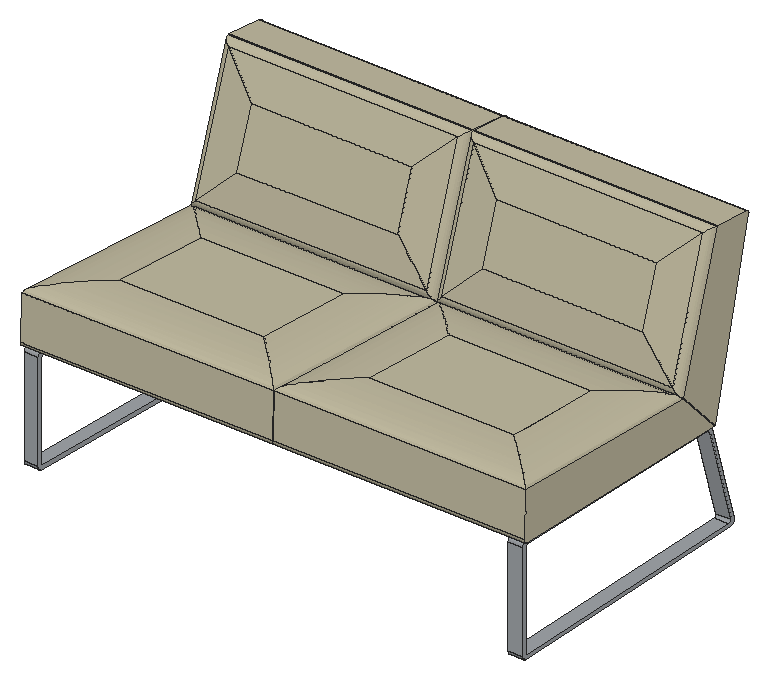
Revit family
Parameters
  URL = "http://www.martinbrattrud.com"
  SCS Certified Product = "Yes"
  Model = "Serif 530-53"
  Manufacturer = "Martin Brattrud, Inc."
  Keynote = "125000"
  Copyright = "© 2013 Martin Brattrud, Inc."
  Chair [instance] = none
  Arms [instance] = none
  Authoring Version = "Revit Architecture 2010"
  Assembly Code = "E2020200"
Reference planes (in)
  plane 1 "Center Front/Back": y = 0
  plane 2: z = 0
  plane 3 "Center Left/Right": x = 0
  plane 4 "seattop": through (0, -14.39489, 16.25041) normal (0, -0.0506, -0.9987)
  plane 5: x = 26.5
Forms (in)
  Extrusion 1, solid, material <- "Arms"
    sketch origin (0, 0, 0) x (0, 1, 0) y (0, 0, 1)
      loop
        line (8.33058, 10.8183) -> (6.83085, 10.84679) -> (6.82362, 10.46894) -> (8.32334, 10.44022) -> (8.33058, 10.8183)
      loop
        line (-9.8957, 11.16446) -> (-11.39543, 11.19294) -> (-11.40261, 10.81747) -> (-9.90289, 10.78876) -> (-9.8957, 11.16446)
    from -25.27545 to 25.45574
  Extrusion 2, solid, material <- "Chair"
    sketch origin (0, 0, 0) x (0, 1, 0) y (0, 0, 1)
      loop
        line (15.6877, 29.02419) -> (11.81326, 29.36315) -> (7.1417, 15.15946) -> (11.33004, 10.76134) -> (15.94697, 28.65756)
        arc (15.94697, 28.65756) -> (15.90229, 28.90095) -> (15.6877, 29.02419) r 0.29424
    from -27.7452 to 0
  Extrusion 3, solid, material <- "Chair"
    sketch origin (0, 0, 0) x (0, 1, 0) y (0, 0, 1)
      loop
        line (11.33004, 10.76134) -> (7.1417, 15.15946) -> (-14.39489, 16.25041) -> (-14.59173, 11.63759)
        arc (-14.59173, 11.63759) -> (-14.49028, 11.36473) -> (-14.22419, 11.24667) r 0.375
        line (-14.22419, 11.24667) -> (11.33004, 10.76134)
    from -28.17571 to 0
  Sweep 4, solid, material <- "Chair"
    path in 3D
      loop
        line (-26.51128, -14.39489, 16.25041) -> (-25.88282, 7.1417, 15.15946) -> (0, 7.1417, 15.15946) -> (0, -14.39489, 16.25041) -> (-26.51128, -14.39489, 16.25041)
    profile origin (-13.25564, -14.39489, 16.25041) x (0, -0.042634, -0.999091) y (0, -0.999091, 0.042634)
      loop
        spline (0.00025, -0.03124) -> (-0.13005, -0.07829) -> (-0.25739, -0.21883) -> (-0.37959, -0.45044) -> (-0.49456, -0.76916) -> (-0.60031, -1.16953) -> (-0.69505, -1.64466) -> (-0.77714, -2.18643) -> (-0.84518, -2.78555) -> (-0.898, -3.43173) -> (-0.9347, -4.11391) -> (-0.95464, -4.82038) -> (-0.95749, -5.53904)
        line (-0.95749, -5.53904) -> (-0.92164, -10.0389) -> (0.07991, -10.03092) -> (0.00025, -0.03124)
  Sweep 5, solid, material <- "Chair"
    path in 3D
      loop
        line (-25.7465, 11.81326, 29.36315) -> (-25.88282, 7.1417, 15.15946) -> (0, 7.1417, 15.15946) -> (0, 11.81326, 29.36315) -> (-25.7465, 11.81326, 29.36315)
    profile origin (-12.87325, 11.81326, 29.36315) x (0, -0.312433, -0.94994) y (0, -0.94994, 0.312433)
      loop
        line (0.03213, 0) -> (4.494, 0) -> (4.494, 1.13082)
        arc (4.494, 1.13082) -> (2.64167, 1.03773) -> (0.80801, 0.7594) r 18.47556
        arc (0.80801, 0.7594) -> (0.30805, 0.49416) -> (0.03213, 0) r 1
  Extrusion 6, solid, material <- "Chair"
    sketch origin (0, 0.78423, 15.4815) x (0, -0.998719, 0.050591) y (-1, 0, 0)
      loop
        line (3.66562, 10.03124) -> (5.16734, 10.03124) -> (5.16734, 16.18344) -> (3.66562, 16.13967) -> (3.66562, 10.03124)
    from -1.00158 to 0
  Extrusion 7, solid, material <- "Chair"
    sketch origin (0, 1.73815, -0.57167) x (0, -0.312433, -0.94994) y (-1, 0, 0)
      loop
        line (-27.09008, 4.494) -> (-21.12588, 4.494) -> (-21.12588, 21.34766) -> (-27.09008, 21.29328) -> (-27.09008, 4.494)
    from -0.9127 to 0.21812
  Extrusion 8, void
    sketch origin (0, 0, 0) x (1, 0, 0) y (0, 1, 0)
      loop
        line (-26.63655, -18.68777) -> (-25.52767, 19.31223) -> (-30.15293, 19.31223) -> (-30.15293, -18.68777) -> (-26.63655, -18.68777)
      loop
        line (26.63655, -18.68777) -> (30.15293, -18.68777) -> (30.15293, 19.31223) -> (25.52767, 19.31223) -> (26.63655, -18.68777)
    from 8.87704 to 31.05989
  Extrusion 9, solid, material <- "Chair"
    sketch origin (0, 0, 0) x (0, 1, 0) y (0, 0, -1)
      loop
        arc (15.6877, -29.02419) -> (15.90229, -28.90095) -> (15.94697, -28.65756) r 0.29424
        line (15.94697, -28.65756) -> (11.33004, -10.76134) -> (7.1417, -15.15946) -> (11.81326, -29.36315) -> (15.6877, -29.02419)
    from -27.7452 to 0
  Extrusion 10, solid, material <- "Chair"
    sketch origin (0, 0, 0) x (0, 1, 0) y (0, 0, -1)
      loop
        line (11.33004, -10.76134) -> (-14.22419, -11.24667)
        arc (-14.22419, -11.24667) -> (-14.49028, -11.36473) -> (-14.59173, -11.63759) r 0.375
        line (-14.59173, -11.63759) -> (-14.39489, -16.25041) -> (7.1417, -15.15946) -> (11.33004, -10.76134)
    from -28.17571 to 0
  Sweep 11, solid, material <- "Chair"
    path in 3D
      loop
        line (26.51128, -14.39489, 16.25041) -> (25.88282, 7.1417, 15.15946) -> (0, 7.1417, 15.15946) -> (0, -14.39489, 16.25041) -> (26.51128, -14.39489, 16.25041)
    profile origin (13.25564, -14.39489, 16.25041) x (0, 0.042634, 0.999091) y (0, -0.999091, 0.042634)
      loop
        line (-0.00025, -0.03124) -> (-0.07991, -10.03092) -> (0.92164, -10.0389) -> (0.95749, -5.53904)
        spline (0.95749, -5.53904) -> (0.95464, -4.82038) -> (0.9347, -4.11391) -> (0.898, -3.43173) -> (0.84518, -2.78555) -> (0.77714, -2.18643) -> (0.69505, -1.64466) -> (0.60031, -1.16953) -> (0.49456, -0.76916) -> (0.37959, -0.45044) -> (0.25739, -0.21883) -> (0.13005, -0.07829) -> (-0.00025, -0.03124)
  Sweep 12, solid, material <- "Chair"
    path in 3D
      loop
        line (25.7465, 11.81326, 29.36315) -> (25.88282, 7.1417, 15.15946) -> (0, 7.1417, 15.15946) -> (0, 11.81326, 29.36315) -> (25.7465, 11.81326, 29.36315)
    profile origin (12.87325, 11.81326, 29.36315) x (0, 0.312433, 0.94994) y (0, -0.94994, 0.312433)
      loop
        arc (-0.03213, 0) -> (-0.30805, 0.49416) -> (-0.80801, 0.7594) r 1
        arc (-0.80801, 0.7594) -> (-2.64167, 1.03773) -> (-4.494, 1.13082) r 18.47556
        line (-4.494, 1.13082) -> (-4.494, 0) -> (-0.03213, 0)
  Extrusion 13, solid, material <- "Chair"
    sketch origin (0, 0.78423, 15.4815) x (0, -0.998719, 0.050591) y (-1, 0, 0)
      loop
        line (3.66562, -10.03124) -> (3.66562, -16.13967) -> (5.16734, -16.18344) -> (5.16734, -10.03124) -> (3.66562, -10.03124)
    from -1.00158 to 0
  Extrusion 14, solid, material <- "Chair"
    sketch origin (0, 1.73815, -0.57167) x (0, -0.312433, -0.94994) y (-1, 0, 0)
      loop
        line (-27.09008, -4.494) -> (-27.09008, -21.29328) -> (-21.12588, -21.34766) -> (-21.12588, -4.494) -> (-27.09008, -4.494)
    from -0.9127 to 0.21812
  Extrusion 15, solid, material <- "Arms"
    sketch origin (-24.29768, -0.02358, 48) x (-0.029169, -0.999575, 0) y (0, 0, 1)
      loop
        arc (-10.78246, -37.60442) -> (-10.92834, -37.65482) -> (-11.01683, -37.78128) r 0.25
        line (-11.01683, -37.78128) -> (-13.92757, -47.30191)
        arc (-13.92757, -47.30191) -> (-13.88946, -47.52371) -> (-13.6885, -47.625) r 0.25
        line (-13.6885, -47.625) -> (13.83268, -47.625)
        arc (13.83268, -47.625) -> (14.00946, -47.55178) -> (14.08268, -47.375) r 0.25
        line (14.08268, -47.375) -> (14.08268, -37.38394)
        arc (14.08268, -37.38394) -> (14.02722, -37.22692) -> (13.88545, -37.13957) r 0.25
        line (13.88545, -37.13957) -> (-10.78246, -37.60442)
      loop
        arc (-10.8797, -37.22946) -> (-11.17144, -37.33028) -> (-11.3484, -37.58319) r 0.5
        line (-11.3484, -37.58319) -> (-14.33558, -47.35381)
        arc (-14.33558, -47.35381) -> (-14.25935, -47.79741) -> (-13.85742, -48) r 0.5
        line (-13.85742, -48) -> (13.95768, -48)
        arc (13.95768, -48) -> (14.31124, -47.85355) -> (14.45768, -47.5) r 0.5
        line (14.45768, -47.5) -> (14.45768, -37.25894)
        arc (14.45768, -37.25894) -> (14.31742, -36.91168) -> (13.97533, -36.75925) r 0.5
        line (13.97533, -36.75925) -> (-10.8797, -37.22946)
    from 0 to 1.5
  Extrusion 16, solid, material <- "Arms"
    sketch origin (24.29768, -0.02358, 48) x (0.029169, -0.999575, 0) y (0, 0, -1)
      loop
        line (-10.78246, 37.60442) -> (13.88545, 37.13957)
        arc (13.88545, 37.13957) -> (14.02722, 37.22692) -> (14.08268, 37.38394) r 0.25
        line (14.08268, 37.38394) -> (14.08268, 47.375)
        arc (14.08268, 47.375) -> (14.00946, 47.55178) -> (13.83268, 47.625) r 0.25
        line (13.83268, 47.625) -> (-13.6885, 47.625)
        arc (-13.6885, 47.625) -> (-13.88946, 47.52371) -> (-13.92757, 47.30191) r 0.25
        line (-13.92757, 47.30191) -> (-11.01683, 37.78128)
        arc (-11.01683, 37.78128) -> (-10.92834, 37.65482) -> (-10.78246, 37.60442) r 0.25
      loop
        line (-10.8797, 37.22946) -> (13.97533, 36.75925)
        arc (13.97533, 36.75925) -> (14.31742, 36.91168) -> (14.45768, 37.25894) r 0.5
        line (14.45768, 37.25894) -> (14.45768, 47.5)
        arc (14.45768, 47.5) -> (14.31124, 47.85355) -> (13.95768, 48) r 0.5
        line (13.95768, 48) -> (-13.85742, 48)
        arc (-13.85742, 48) -> (-14.25935, 47.79741) -> (-14.33558, 47.35381) r 0.5
        line (-14.33558, 47.35381) -> (-11.3484, 37.58319)
        arc (-11.3484, 37.58319) -> (-11.17144, 37.33028) -> (-10.8797, 37.22946) r 0.5
    from 0 to 1.5
Cuts and joins
  joined: Sweep 4, Extrusion 6
  joined: Sweep 5, Extrusion 7
  Extrusion 8 cuts Extrusion 1
  joined: Sweep 12, Extrusion 14
  joined: Sweep 11, Extrusion 13
  Extrusion 8 cuts Extrusion 9
  Extrusion 8 cuts Extrusion 10
  Extrusion 8 cuts Extrusion 2
  Extrusion 8 cuts Extrusion 3
Lines and regions (in)
  sketch lines
    curve 1: line (0, -14.39489, 16.25041) -> (-26.51128, -14.39489, 16.25041)
    curve 2: line (-25.88282, 7.1417, 15.15946) -> (-26.51128, -14.39489, 16.25041)
    curve 3: line (0, 7.1417, 15.15946) -> (-25.88282, 7.1417, 15.15946)
    curve 4: line (0, 7.1417, 15.15946) -> (0, -14.39489, 16.25041)
    curve 5: line (0, 11.81326, 29.36315) -> (-25.7465, 11.81326, 29.36315)
    curve 6: line (0, 11.81326, 29.36315) -> (0, 7.1417, 15.15946)
    curve 7: line (0, 7.1417, 15.15946) -> (-25.88282, 7.1417, 15.15946)
    curve 8: line (-25.7465, 11.81326, 29.36315) -> (-25.88282, 7.1417, 15.15946)
    curve 9: line (0, -14.39489, 16.25041) -> (26.51128, -14.39489, 16.25041)
    curve 10: line (25.88282, 7.1417, 15.15946) -> (26.51128, -14.39489, 16.25041)
    curve 11: line (0, 7.1417, 15.15946) -> (25.88282, 7.1417, 15.15946)
    curve 12: line (0, 7.1417, 15.15946) -> (0, -14.39489, 16.25041)
    curve 13: line (0, 11.81326, 29.36315) -> (25.7465, 11.81326, 29.36315)
    curve 14: line (0, 11.81326, 29.36315) -> (0, 7.1417, 15.15946)
    curve 15: line (0, 7.1417, 15.15946) -> (25.88282, 7.1417, 15.15946)
    curve 16: line (25.7465, 11.81326, 29.36315) -> (25.88282, 7.1417, 15.15946)
